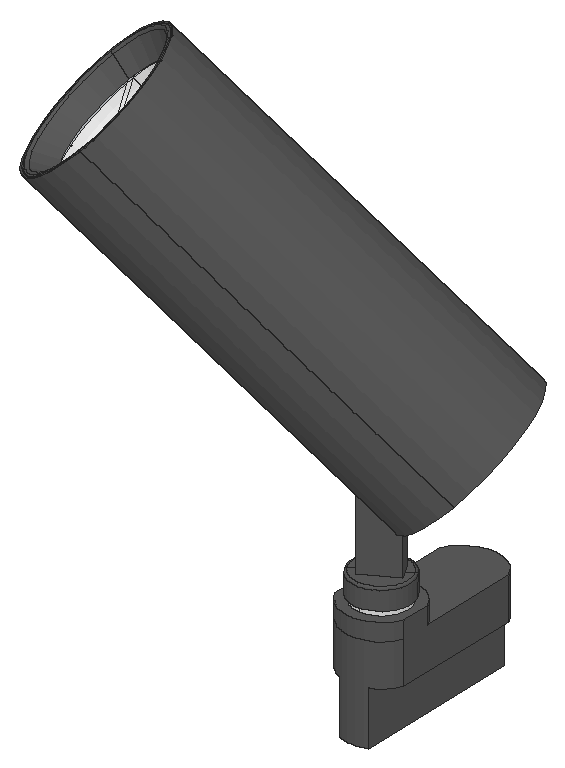
Revit family "0005431 Sylvania Lighting Fixture START Track Spot Integral 940 MB WB BLK", category Lighting Fixtures, host Face, Revit 2017
Family settings
  Host = Face
  Round Connector Dimension = Use Diameter
  Part Type = Normal
  OmniClass Number = 23.80.70.00
  OmniClass Title = Lighting
  Cut with Voids When Loaded = No
  Light Source = No
  Shared = No
  Room Calculation Point = No
Parameters (values of type "0005431 ST TRK SPT INTGRL 3000LM 940 MB BLK")
  Weight = "7.04 kg"
  Wattage Comments = ""
  WarrantyStartDate [instance] = "n/a"
  WarrantyGuarantorParts = "n/a"
  WarrantyDurationUnit = "n/a"
  WarrantyDurationParts = "n/a"
  WarrantyDescription = "n/a"
  Voltage = 230 V
  VerticalRotation_SYL [instance] = 60.00°
  VerticalEndAngle_SYL [instance] = VerticalRotation_SYL - 180.00°  # -120.00°
  URL = "http://www.sylvania-lighting.com"
  TypeName = "START Track Spot Integral 3000lm 940 MB WB BLK"
  TypeHead_SYL = START Track Spot Integral Head : 0005431 ST TRK SPT INTGRL 3000LM 940 MB BLK
  TypeArm_SYL = START Track Spot Integral Arm : START Track Spot Integral BL
  Type Image = <None>
  Type Comments = "n/a"
  SerialNumber [instance] = "n/a"
  Material_3_SYL = none
  PowerFactor = 0
  PowerConsumption = "33 W"
  NominalLength = 0 mm
  NominalHeight = 0 mm
  NominalDepth = 0 mm
  Name = "START Track Spot Integral 3000lm 940 MB WB BLK"
  ModelReference = Name  # "START Track Spot Integral 3000lm 940 MB WB BLK"
  ModelNumber = "0005431"
  Model = Name  # "START Track Spot Integral 3000lm 940 MB WB BLK"
  Material = "n/a"
  ManufacturerName = "Feilo Sylvania"
  Manufacturer = "Feilo Sylvania"
  LuminousEfficacy = "81.81 lm/W"
  LuminaireType = ""
  LightOutputRatio = "n/a"
  LampsType = Lamp  # "LED"
  LampNominalLuminous = "3000 lm"
  LampMacAdamStep = "3"
  LampColourTemperature = "4000"
  LampColourRenderingIndex = "90"
  Lamp = "LED"
  Keynote = "16500"
  InstallationDate [instance] = "n/a"
  InputVoltage = "220-240V~"
  InputNominalFrequency = "50/60 Hz"
  IngressProtection = "IP20"
  ImpactProtectionIndex = "IK03"
  IfcExportType = "IfcLightFixtureType"
  IfcExportAs = "IfcLightFixtureType"
  HorizontalRotation_SYL [instance] = 45.00°
  ExpectedLife = 50000
  ElectricShockClassification = "Class I"
  DurationUnit = "hours"
  DocumentationLiterature = "http://www.sylvania-lighting.com/product/en-int/products/0005431"
  DimmingControlOptions = "Non dimmable"
  Material_2_SYL = Spacer-Sylvania-StartTrackSpot-Aluminium
  Description = ""
  Default Elevation = 1219.2 mm
  CreatedOn = "9/6/2018"
  CreatedBy = ""
  Cost = 0
  built-in parameter 1114216 [instance] = (empty or 0)
  ClassificationValue = "EF_70_80"
  ClassificationName = "Uniclass2015"
  Material_1_SYL = Body-Sylvania-StartTrackSpot-Black
  BarCode [instance] = "n/a"
  AssetType = "Fixed"
  AssetIdentifier [instance] = "n/a"
  Assembly Code = "D5020200"
  Apparent Load = 33 VA
  Material_4_SYL = none
Types (2, lengths in mm): name | TypeName | TypeHead_SYL | Name | ModelReference | Model | LuminousEfficacy | LampNominalLuminous
  0005431 ST TRK SPT INTGRL 3000LM 940 MB BLK | "START Track Spot Integral 3000lm 940 MB WB BLK" | START Track Spot Integral Head : 0005431 ST TRK SPT INTGRL 3000LM 940 MB BLK | "START Track Spot Integral 3000lm 940 MB WB BLK" | "START Track Spot Integral 3000lm 940 MB WB BLK" | "START Track Spot Integral 3000lm 940 MB WB BLK" | "81.81 lm/W" | "3000 lm"
  0005431 ST TRK SPT INTGRL 3100LM 940 WB BLK | "START Track Spot Integral 3100lm 940 MB WB BLK" | START Track Spot Integral Head : 0005431 ST TRK SPT INTGRL 3100LM 940 WB BLK | "START Track Spot Integral 3100lm 940 MB WB BLK" | "START Track Spot Integral 3100lm 940 MB WB BLK" | "START Track Spot Integral 3100lm 940 MB WB BLK" | "84.84 lm/W" | "3100 lm"
Reference planes
  plane 1 "Center (Front/Back)": y = 0
  plane 2: z = 0
  plane 3 "Center (Left/Right)": x = 0
  plane 4: x = 16.6
  plane 5: x = -16.6
  plane 6: x = 7
  plane 7: x = -7
  plane 8: x = -12.8
  plane 9: y = 42
  plane 10: y = 42
  plane 11: y = -42
  plane 12: y = 31.4
  plane 13: y = -31.4
  plane 14: z = -26
  plane 15: z = 20.3
  plane 16: z = 28.5
  plane 17: z = 31.2
  plane 18: y = -17.4
  plane 19: y = -6.8
  plane 20: y = -24.4
Forms (mm)
  Extrusion 1, solid, material "Body-Sylvania-StartTrackSpot-Black" <- "Material_1_SYL"
    sketch origin (0, 0, 0) x (1, 0, 0) y (0, 1, 0)
      loop
        line (-16.6, 31.4) -> (-16.6, -31.4)
        arc (-16.6, -31.4) -> (0, -42) -> (16.6, -31.4) r 18.298
        line (16.6, -31.4) -> (16.6, 31.4)
        arc (16.6, 31.4) -> (0, 42) -> (-16.6, 31.4) r 18.298
    from -26 to 20.3
  Extrusion 2, void
    sketch origin (0, 0, 0) x (1, 0, 0) y (0, 1, 0)
      loop
        arc (-7, 40.608) -> (-12.666, 36.907) -> (-16.6, 31.4) r 18.298
        line (-16.6, 31.4) -> (-16.6, -31.4)
        arc (-16.6, -31.4) -> (-12.666, -36.907) -> (-7, -40.608) r 18.298
        line (-7, -40.608) -> (-7, 40.608)
      loop
        line (16.6, -31.4) -> (16.6, 31.4)
        arc (16.6, 31.4) -> (12.666, 36.907) -> (7, 40.608) r 18.298
        line (7, 40.608) -> (7, -40.608)
        arc (7, -40.608) -> (12.666, -36.907) -> (16.6, -31.4) r 18.298
    from 0 to -26
  Extrusion 3, solid, material "Body-Sylvania-StartTrackSpot-Black" <- "Material_1_SYL"
    sketch origin (1223.4, -4572, 20.3) x (0, -1, 0) y (-1, 0, 0)
      loop
        line (-4540.6, 1240) -> (-4554.6, 1240)
        arc (-4554.6, 1240) -> (-4565.2, 1223.4) -> (-4554.6, 1206.8) r 18.298
        line (-4554.6, 1206.8) -> (-4540.6, 1206.8)
        arc (-4540.6, 1206.8) -> (-4530, 1223.4) -> (-4540.6, 1240) r 18.298
    from -8.2 to 0
  Extrusion 4, solid, material "Spacer-Sylvania-StartTrackSpot-Aluminium" <- "Material_2_SYL"
    sketch origin (1223.4, -4572, 28.5) x (0, -1, 0) y (-1, 0, 0)
      loop
        circle (-4547.6, 1223.4) r 12.7
    from 0 to -2.7
  Revolve 5, solid, not visible
    sketch origin (1524, -24.4, 1219.2) x (1, 0, 0) y (0, 0, 1)
      loop
        line (-1524, -1188) -> (-1524, -1168.735) -> (-1531, -1168.735) -> (-1531, -1188) -> (-1524, -1188)
      axis (-1524, -1168.735) -> (-1524, -1188)
    angle from 60 <- "VerticalRotation_SYL" to -120 <- "VerticalEndAngle_SYL"
Cuts and joins
  Extrusion 2 cuts Extrusion 1
  joined: Extrusion 1, Extrusion 3
Lines and regions (mm)
  reference lines
    curve 1: circle (0, -24.4, 0) r 12.7 normal (0, 0, 1)
    curve 2: arc (-16.6, -31.4, 0) -> (0, -42, 0) -> (16.6, -31.4, 0) r 18.298
    curve 3: arc (-16.6, -17.4, 0) -> (0, -6.8, 0) -> (16.6, -17.4, 0) r 18.298
    curve 4: arc (-16.6, 31.4, 0) -> (0, 42, 0) -> (16.6, 31.4, 0) r 18.298
Dimensions and locks
  plane 6 to plane 3 "Center (Left/Right)" to plane 7 = 7 mm locked, 7 mm locked
  plane 4 to plane 3 "Center (Left/Right)" to plane 5 = 16.6 mm locked, 16.6 mm locked
  locked: plane 3 "Center (Left/Right)" to plane 8 at 12.8
  plane 11 to plane 1 "Center (Front/Back)" to plane 10 = 42 mm locked, 42 mm locked
  plane 13 to plane 1 "Center (Front/Back)" to plane 12 = 31.4 mm locked, 31.4 mm locked
  locked: plane 2 to plane 14 at 26
  locked: plane 15 to plane 2 at 20.3
  plane 17 to plane 16 to plane 15 = 2.7 mm locked, 8.2 mm locked
  locked: plane 13 to plane 18 at 14
  locked: plane 18 to plane 19 at 10.6
  equal spacing: plane 13, plane 20, plane 18
  locked: plane 20 to curve 2 at 0.698
  locked: curve 3 to plane 20 at 0.698
  aligned and locked: plane 2 to host face
  aligned and locked: level to host face
  aligned and locked: plane 3 "Center (Left/Right)" to curve 1
  aligned and locked: plane 20 to curve 1
  aligned and locked: plane 13 to curve 2  (x2)
  aligned and locked: plane 18 to curve 3  (x2)
  aligned and locked: plane 12 to curve 4  (x2)
  aligned and locked: plane 4 to curve 4
  aligned and locked: plane 3 "Center (Left/Right)" to curve 4
  aligned and locked: plane 5 to curve 2
  aligned and locked: plane 5 to curve 3
  aligned and locked: plane 4 to curve 3
  aligned and locked: plane 4 to curve 2
  aligned and locked: plane 12 to Extrusion 1 sketch curve
  aligned and locked: plane 13 to Extrusion 1 sketch curve
  aligned and locked: Extrusion 1 sketch curve to curve 4
  aligned and locked: Extrusion 1 sketch curve to curve 2
  aligned and locked: Extrusion 1 to plane 15
  aligned and locked: plane 14 to Extrusion 1
  aligned and locked: Extrusion 2 sketch curve to Extrusion 1  (x5)
  aligned and locked: Extrusion 2 sketch curve to plane 7
  aligned and locked: plane 14 to Extrusion 2
  aligned and locked: level to Extrusion 2
  aligned and locked: Extrusion 3 sketch curve to cut or joined group of Extrusion 1, Extrusion 2, Extrusion 3  (x2)
  aligned and locked: Extrusion 3 sketch curve to curve 3
  aligned and locked: cut or joined group of Extrusion 1, Extrusion 2, Extrusion 3 to Extrusion 3 sketch curve
  aligned and locked: Extrusion 3 to plane 16
  aligned and locked: plane 15 to Extrusion 3
  aligned and locked: Extrusion 4 sketch curve to curve 1
  aligned and locked: Extrusion 4 to plane 17
  aligned and locked: plane 16 to Extrusion 4
  aligned and locked: Revolve 5 sketch curve to plane 3 "Center (Left/Right)"
  aligned and locked: Extrusion 4 to Revolve 5 sketch curve
  aligned and locked: Revolve 5 sketch curve to Extrusion 4
  aligned and locked: plane 17 to nested 1
Automatic sketch dimensions
  host sketch curve to host sketch curve = 2438.4 mm  (x2)
  plane 12 to curve 4 = 7.698 mm
  plane 12 to Extrusion 2 sketch curve = 0 mm
  Extrusion 2 sketch curve to Extrusion 2 sketch curve = 0 mm  (x2)
  Extrusion 2 sketch curve to plane 6 = 0 mm
  Revolve 5 sketch curve to plane 7 = 0 mm
  Revolve 5 sketch curve to Revolve 5 sketch curve = 19.265 mm
  plane 14 to Revolve 5 sketch curve = 583.6 mm
  Revolve 5 sketch curve to Revolve 5 sketch curve = 2558.594 mm
  radius of curve 1 = 12.7 mm
Nested families
  nested 1: "START Track Spot Integral Arm" at (0, -24.4, 31.2) x (0, 0, -1) z (0.866, 0.5, 0), type <- "TypeArm_SYL", HorizontalRotation_SYL <- "HorizontalRotation_SYL", type "START Track Spot Integral BL"
    with HorizontalRotation_SYL 45.00°, HorizontalEndAngle_SYL -135.00°
  nested 2: "START Track Spot Integral Head" at (18.677, -13.617, 104.767) x (-0.5, 0.866, 0) z (0.6124, 0.3536, -0.7071), type <- "TypeHead_SYL", type "0005431 ST TRK SPT INTGRL 3000LM 940 MB BLK"
    with built-in parameter 1114216 (empty or 0)
Connectors
  electrical at (0, 0, 0), driven by "Apparent Load", driven by "PowerFactor", driven by "Voltage"
    settings: index 1, voltage 230 V, apparent load 33 VA, apparent load phase1 0 VA, apparent load phase2 0 VA, apparent load phase3 0 VA, power factor 0, load classification "Lighting", number of poles 1, system type 30, power factor state 1, is connector primary yes, connector utility no, sub classification motor no, connector description ""
Definition of nested family "START Track Spot Integral Arm"
  Parameters (values of type "START Track Spot Integral WH")
    URL = "http://www.sylvania-lighting.com"
    Type Image = (empty or 0)
    Type Comments = "n/a"
    Material_3_SYL = none
    Model = ""
    Manufacturer = "Feilo Sylvania"
    Keynote = ""
    Material_2_SYL = none
    HorizontalRotation_SYL [instance] = 0.00°
    HorizontalEndAngle_SYL [instance] = HorizontalRotation_SYL - 180.00°  # -180.00°
    Description = ""
    Default Elevation = 1219.2 mm
    Cost = 0
    Material_1_SYL = none
    Assembly Code = ""
    Material_4_SYL = none
  Types (2): name
    START Track Spot Integral WH
    START Track Spot Integral BL
  Reference planes
    plane 1 "Center (Front/Back)": y = 0
    plane 2: z = 0
    plane 3 "Center (Left/Right)": x = 0
    plane 4: x = -10
    plane 5: z = -14
    plane 6: z = -14
    plane 7: z = 14
    plane 8: x = -52
    plane 9: z = 9
    plane 10: z = -9
    plane 11: x = -60
    plane 12: y = 4.5
    plane 13: y = -4.5
    plane 14: x = -9
    plane 15: z = 13
    plane 16: z = 4
    plane 17: z = -4
    plane 18: x = -55
  Forms (mm)
    Extrusion 1, solid
      sketch origin (4.2, 0, 0) x (1, 0, 0) y (0, 1, 0)
        loop
          line (-1219.2, 1219.2) -> (-1219.2, -1219.2) -> (1219.2, -1219.2) -> (1219.2, 1219.2) -> (-1219.2, 1219.2)
      from 0 to -68.017
    Revolve 2, solid, material <- "Material_1_SYL"
      sketch origin (0, 0, 0) x (1, 0, 0) y (0, 0, 1)
        loop
          line (0, 0) -> (0, 14) -> (-9, 14)
          arc (-9, 14) -> (-9.707, 13.707) -> (-10, 13) r 1
          line (-10, 13) -> (-10, 0) -> (0, 0)
        axis (-10, 0) -> (0, 0)
      angle from 360 to 0
    Extrusion 3, solid, material <- "Material_1_SYL"
      sketch origin (0, 0, 0) x (1, 0, 0) y (0, 0, 1)
        loop
          line (-10, 9) -> (-55, 9)
          arc (-55, 9) -> (-58.536, 7.536) -> (-60, 4) r 5
          line (-60, 4) -> (-60, -4)
          arc (-60, -4) -> (-58.536, -7.536) -> (-55, -9) r 5
          line (-55, -9) -> (-10, -9) -> (-10, 9)
      from -4.5 to 4.5
    Revolve 4, solid, not visible
      sketch origin (-52, -4572, 2609.058) x (0, 0, 1) y (0, -1, 0)
        loop
          line (-2609.058, -4553.46) -> (-2609.058, -4590.54) -> (-2605.058, -4590.54) -> (-2605.058, -4553.46) -> (-2609.058, -4553.46)
        axis (-2609.058, -4553.46) -> (-2609.058, -4590.54)
      angle from 0 <- "HorizontalRotation_SYL" to -180 <- "HorizontalEndAngle_SYL"
  Dimensions and locks
    locked: plane 3 "Center (Left/Right)" to plane 4 at 10
    plane 7 to plane 2 to plane 6 = 14 mm locked, 14 mm locked
    locked: plane 4 to plane 8 at 42
    plane 13 to plane 1 "Center (Front/Back)" to plane 12 = 4.5 mm locked, 4.5 mm locked
    locked: plane 14 to plane 4 at 1
    locked: plane 7 to plane 15 at 1
    locked: plane 9 to plane 16 at 5
    locked: plane 17 to plane 10 at 5
    equal spacing: Revolve 4 sketch curve, plane 1 "Center (Front/Back)", Revolve 4 sketch curve
    locked: Revolve 4 sketch curve to plane 1 "Center (Front/Back)" at 18.54
    locked: plane 18 to plane 11 at 5
    locked: plane 4 to plane 11 at 50
    aligned and locked: plane 2 to Extrusion 1
    aligned and locked: level to Extrusion 1
    aligned and locked: level to Revolve 2 sketch curve  (x2)
    aligned and locked: plane 3 "Center (Left/Right)" to Revolve 2 sketch curve
    aligned and locked: Revolve 2 sketch curve to plane 7
    aligned and locked: plane 4 to Revolve 2 sketch curve
    aligned and locked: plane 15 to Revolve 2 sketch curve
    aligned and locked: plane 14 to Revolve 2 sketch curve
    aligned and locked: Revolve 2 sketch curve to plane 2
    aligned and locked: Extrusion 3 sketch curve to plane 9
    aligned and locked: plane 4 to Extrusion 3 sketch curve
    aligned and locked: plane 10 to Extrusion 3 sketch curve
    aligned and locked: Extrusion 3 sketch curve to plane 11
    aligned and locked: plane 13 to Extrusion 3
    aligned and locked: Extrusion 3 to plane 12
    aligned and locked: plane 16 to Extrusion 3 sketch curve
    aligned and locked: plane 17 to Extrusion 3 sketch curve
    aligned and locked: Revolve 4 sketch curve to level
    aligned and locked: Revolve 4 sketch curve to plane 16
    aligned and locked: Revolve 4 sketch curve to plane 2
    aligned and locked: plane 18 to Extrusion 3 sketch curve  (x2)
Definition of nested family "START Track Spot Integral Head"
  Parameters (values of type "0005432 ST TRK SPT INTGRL 5000LM 940 WB WHT")
    WidthCutOut_SYL = 9.5 mm  # constant formula
    Wattage Comments = "n/a"
    Wattage = 55 W
    built-in parameter 1150110 = 1 (stored number, unit not read)
    URL = "http://www.sylvania-lighting.com"
    Type Image = (empty or 0)
    Type Comments = "n/a"
    built-in parameter 1114217 = 1 (stored number, unit not read)
    Tilt Angle = 90.00°
    built-in parameter 1150109 = 1 (stored number, unit not read)
    built-in parameter 1150134 = 12
    built-in parameter 1150113 = 1 (stored number, unit not read)
    S_SYL = no
    RadiusLensOut_SYL = if(S_SYL, 21 mm, if(M_SYL, 30.5 mm, 33 mm))  # 33 mm
    RadiusLensHolder_SYL = 1.8 mm  # constant formula
    RadiusHead_SYL = if(S_SYL, 30 mm, if(M_SYL, 40 mm, 45.5 mm))  # 45.5 mm
    RadiusEmission_SYL = if(S_SYL, 8 mm, if(M_SYL, 16.5 mm, 16.5 mm))  # 16.5 mm
    Photometric Web File = "0005432 WB.ies"
    Material_3_SYL = none
    Model = "ST TRK SPT INTGRL 5000LM 940 WB WHT"
    Manufacturer = "Feilo Sylvania"
    M_SYL = no
    built-in parameter 1150105 = 397.89 (stored number, unit not read)
    Lumens = 5000 lm
    built-in parameter 1150115 = 1 (stored number, unit not read)
    built-in parameter 1150137 = (empty or 0)
    built-in parameter 1150139 = (empty or 0)
    built-in parameter 1150112 = 1 (stored number, unit not read)
    built-in parameter 1150114 = 1 (stored number, unit not read)
    Lamp = "LED"
    Keynote = "16500"
    Material_2_SYL = none
    built-in parameter 1150132 = (empty or 0)
    built-in parameter 1150102 = (empty or 0)
    built-in parameter 1150107 = 4000 (stored number, unit not read)
    built-in parameter 1150138 = (empty or 0)
    built-in parameter 1150106 = 3.9789 (stored number, unit not read)
    Height_SYL = if(S_SYL, 160 mm, if(M_SYL, 200 mm, 215 mm))  # 215 mm
    Emit from Circle Diameter = RadiusLensOut_SYL * 2  # 66 mm
    Emit Shape Visible in Rendering = no
    built-in parameter 1150104 = 8.4457 (stored number, unit not read)
    DistRotateAxisY_SYL = 16.8 mm  # constant formula
    Dimming Lamp Color Temperature Shift = (empty or 0)
    Description = ""
    DepthLens_SYL = 1.25 * (RadiusHead_SYL - 1 mm - RadiusLensOut_SYL)  # 14.375 mm
    DepthEmission_SYL = Height_SYL / 6.4  # 33.594 mm
    DepthCutOut_SYL = WidthCutOut_SYL * 2  # 19 mm
    Default Elevation = 1219.2 mm
    Cost = 0
    Color Filter = 16777215
    built-in parameter 1114216 [instance] = (empty or 0)
    Material_1_SYL = none
    built-in parameter 1114218 = 1 (stored number, unit not read)
    built-in parameter 1150133 = 10 (stored number, unit not read)
    Assembly Code = "D5020200"
    Apparent Load = 55 VA
    Material_4_SYL = none
  Types (24, lengths in mm): name | Wattage | built-in parameter 1150134 | S_SYL | RadiusLensOut_SYL | RadiusHead_SYL | RadiusEmission_SYL | Photometric Web File | Model | M_SYL | built-in parameter 1150105 | Lumens | built-in parameter 1150107 | built-in parameter 1150106 | Height_SYL | Emit from Circle Diameter | built-in parameter 1150104 | DepthLens_SYL | DepthEmission_SYL | Apparent Load
    0005433 ST TRK SPT INTGRL 5000LM 940 WB BLK | 55 W | 12 | no | 33 | 45.5 | 16.5 | "0005433 WB.ies" | "ST TRK SPT INTGRL 5000LM 940 WB BLK" | no | 397.89 (stored number, unit not read) | 5000 lm | 4000 (stored number, unit not read) | 3.9789 (stored number, unit not read) | 215 | 66 | 8.4457 (stored number, unit not read) | 14.375 | 33.594 | 55 VA
    0005433 ST TRK SPT INTGRL 5000LM 940 MB BLK | 55 W | 12 | no | 33 | 45.5 | 16.5 | "0005433 MB.ies" | "ST TRK SPT INTGRL 5000LM 940 MB BLK" | no | 397.89 (stored number, unit not read) | 5000 lm | 4000 (stored number, unit not read) | 3.9789 (stored number, unit not read) | 215 | 66 | 8.4457 (stored number, unit not read) | 14.375 | 33.594 | 55 VA
    0005432 ST TRK SPT INTGRL 5000LM 940 WB WHT | 55 W | 12 | no | 33 | 45.5 | 16.5 | "0005432 WB.ies" | "ST TRK SPT INTGRL 5000LM 940 WB WHT" | no | 397.89 (stored number, unit not read) | 5000 lm | 4000 (stored number, unit not read) | 3.9789 (stored number, unit not read) | 215 | 66 | 8.4457 (stored number, unit not read) | 14.375 | 33.594 | 55 VA
    0005432 ST TRK SPT INTGRL 5000LM 940 MB WHT | 55 W | 12 | no | 33 | 45.5 | 16.5 | "0005432 MB.ies" | "ST TRK SPT INTGRL 5000LM 940 MB WHT" | no | 397.89 (stored number, unit not read) | 5000 lm | 4000 (stored number, unit not read) | 3.9789 (stored number, unit not read) | 215 | 66 | 8.4457 (stored number, unit not read) | 14.375 | 33.594 | 55 VA
    0005431 ST TRK SPT INTGRL 3000LM 940 WB BLK | 33 W | 12 | no | 30.5 | 40 | 16.5 | "0005431 WB.ies" | "ST TRK SPT INTGRL 3000LM 940 WB BLK" | yes | 238.73 (stored number, unit not read) | 3000 lm | 4000 (stored number, unit not read) | 2.3873 (stored number, unit not read) | 200 | 61 | 8.4457 (stored number, unit not read) | 10.625 | 31.25 | 33 VA
    0005431 ST TRK SPT INTGRL 3000LM 940 MB BLK | 33 W | 12 | no | 30.5 | 40 | 16.5 | "0005431 MB.ies" | "ST TRK SPT INTGRL 3000LM 940 MB BLK" | yes | 238.73 (stored number, unit not read) | 3000 lm | 4000 (stored number, unit not read) | 2.3873 (stored number, unit not read) | 200 | 61 | 8.4457 (stored number, unit not read) | 10.625 | 31.25 | 33 VA
    0005430 ST TRK SPT INTGRL 3000LM 940 WB WHT | 33 W | 12 | no | 30.5 | 40 | 16.5 | "0005430 WB.ies" | "ST TRK SPT INTGRL 3000LM 940 WB WHT" | yes | 238.73 (stored number, unit not read) | 3000 lm | 4000 (stored number, unit not read) | 2.3873 (stored number, unit not read) | 200 | 61 | 8.4457 (stored number, unit not read) | 10.625 | 31.25 | 33 VA
    0005430 ST TRK SPT INTGRL 3000LM 940 MB WHT | 33 W | 12 | no | 30.5 | 40 | 16.5 | "0005430 MB.ies" | "ST TRK SPT INTGRL 3000LM 940 MB WHT" | yes | 238.73 (stored number, unit not read) | 3000 lm | 4000 (stored number, unit not read) | 2.3873 (stored number, unit not read) | 200 | 61 | 8.4457 (stored number, unit not read) | 10.625 | 31.25 | 33 VA
    0005429 ST TRK SPT INTGRL 1500LM 940 WB BLK | 17 W | 12 | yes | 21 | 30 | 8 | "0005429 WB.ies" | "ST TRK SPT INTGRL 1500LM 940 WB BLK" | no | 119.37 (stored number, unit not read) | 1500 lm | 4000 (stored number, unit not read) | 1.1937 (stored number, unit not read) | 160 | 42 | 8.1973 (stored number, unit not read) | 10 | 25 | 17 VA
    0005429 ST TRK SPT INTGRL 1500LM 940 MB BLK | 17 W | 12 | yes | 21 | 30 | 8 | "0005429 MB.ies" | "ST TRK SPT INTGRL 1500LM 940 MB BLK" | no | 119.37 (stored number, unit not read) | 1500 lm | 4000 (stored number, unit not read) | 1.1937 (stored number, unit not read) | 160 | 42 | 8.1973 (stored number, unit not read) | 10 | 25 | 17 VA
    0005428 ST TRK SPT INTGRL 1500LM 940 WB WHT | 17 W | 12 | yes | 21 | 30 | 8 | "0005428 WB.ies" | "ST TRK SPT INTGRL 1500LM 940 WB WHT" | no | 119.37 (stored number, unit not read) | 1500 lm | 4000 (stored number, unit not read) | 1.1937 (stored number, unit not read) | 160 | 42 | 8.1973 (stored number, unit not read) | 10 | 25 | 17 VA
    0005428 ST TRK SPT INTGRL 1500LM 940 MB WHT | 17 W | 12 | yes | 21 | 30 | 8 | "0005428 MB.ies" | "ST TRK SPT INTGRL 1500LM 940 MB WHT" | no | 119.37 (stored number, unit not read) | 1500 lm | 4000 (stored number, unit not read) | 1.1937 (stored number, unit not read) | 160 | 42 | 8.1973 (stored number, unit not read) | 10 | 25 | 17 VA
    0005427 ST TRK SPT INTGRL 4500LM 930 WB BLK | 55 W | (empty or 0) | no | 33 | 45.5 | 16.5 | "0005427 WB.ies" | "ST TRK SPT INTGRL 4500LM 930 WB BLK" | no | 358.1 (stored number, unit not read) | 4500 lm | 3000 (stored number, unit not read) | 3.581 (stored number, unit not read) | 215 | 66 | 7.6012 (stored number, unit not read) | 14.375 | 33.594 | 55 VA
    0005427 ST TRK SPT INTGRL 4500LM 930 MB BLK | 55 W | (empty or 0) | no | 33 | 45.5 | 16.5 | "0005427 MB.ies" | "ST TRK SPT INTGRL 4500LM 930 MB BLK" | no | 358.1 (stored number, unit not read) | 4500 lm | 3000 (stored number, unit not read) | 3.581 (stored number, unit not read) | 215 | 66 | 7.6012 (stored number, unit not read) | 14.375 | 33.594 | 55 VA
    0005426 ST TRK SPT INTGRL 4500LM 930 WB WHT | 55 W | (empty or 0) | no | 33 | 45.5 | 16.5 | "0005426 WB.ies" | "ST TRK SPT INTGRL 4500LM 930 WB WHT" | no | 358.1 (stored number, unit not read) | 4500 lm | 3000 (stored number, unit not read) | 3.581 (stored number, unit not read) | 215 | 66 | 7.6012 (stored number, unit not read) | 14.375 | 33.594 | 55 VA
    0005426 ST TRK SPT INTGRL 4500LM 930 MB WHT | 55 W | (empty or 0) | no | 33 | 45.5 | 16.5 | "0005426 MB.ies" | "ST TRK SPT INTGRL 4500LM 930 MB WHT" | no | 358.1 (stored number, unit not read) | 4500 lm | 3000 (stored number, unit not read) | 3.581 (stored number, unit not read) | 215 | 66 | 7.6012 (stored number, unit not read) | 14.375 | 33.594 | 55 VA
    0005425 ST TRK SPT INTGRL 2700LM 930 WB BLK | 33 W | (empty or 0) | no | 30.5 | 40 | 16.5 | "0005425 WB.ies" | "ST TRK SPT INTGRL 2700LM 930 WB BLK" | yes | 214.86 (stored number, unit not read) | 2700 lm | 3000 (stored number, unit not read) | 2.1486 (stored number, unit not read) | 200 | 61 | 7.6012 (stored number, unit not read) | 10.625 | 31.25 | 33 VA
    0005425 ST TRK SPT INTGRL 2700LM 930 MB BLK | 33 W | (empty or 0) | no | 30.5 | 40 | 16.5 | "0005425 MB.ies" | "ST TRK SPT INTGRL 2700LM 930 MB BLK" | yes | 214.86 (stored number, unit not read) | 2700 lm | 3000 (stored number, unit not read) | 2.1486 (stored number, unit not read) | 200 | 61 | 7.6012 (stored number, unit not read) | 10.625 | 31.25 | 33 VA
    0005424 ST TRK SPT INTGRL 2700LM 930 WB WHT | 33 W | (empty or 0) | no | 30.5 | 40 | 16.5 | "0005424 WB.ies" | "ST TRK SPT INTGRL 2700LM 930 WB WHT" | yes | 214.86 (stored number, unit not read) | 2700 lm | 3000 (stored number, unit not read) | 2.1486 (stored number, unit not read) | 200 | 61 | 7.6012 (stored number, unit not read) | 10.625 | 31.25 | 33 VA
    0005424 ST TRK SPT INTGRL 2700LM 930 MB WHT | 33 W | (empty or 0) | no | 30.5 | 40 | 16.5 | "0005424 MB.ies" | "ST TRK SPT INTGRL 2700LM 930 MB WHT" | yes | 214.86 (stored number, unit not read) | 2700 lm | 3000 (stored number, unit not read) | 2.1486 (stored number, unit not read) | 200 | 61 | 7.6012 (stored number, unit not read) | 10.625 | 31.25 | 33 VA
    0005423 ST TRK SPT INTGRL 1360LM 930 WB BLK | 17 W | (empty or 0) | yes | 21 | 30 | 8 | "0005423 WB.ies" | "ST TRK SPT INTGRL 1360LM 930 WB BLK" | no | 108.23 (stored number, unit not read) | 1360 lm | 3000 (stored number, unit not read) | 1.0823 (stored number, unit not read) | 160 | 42 | 7.4322 (stored number, unit not read) | 10 | 25 | 17 VA
    0005423 ST TRK SPT INTGRL 1360LM 930 MB BLK | 17 W | (empty or 0) | yes | 21 | 30 | 8 | "0005423 MB.ies" | "ST TRK SPT INTGRL 1360LM 930 MB BLK" | no | 108.23 (stored number, unit not read) | 1360 lm | 3000 (stored number, unit not read) | 1.0823 (stored number, unit not read) | 160 | 42 | 7.4322 (stored number, unit not read) | 10 | 25 | 17 VA
    0005422 ST TRK SPT INTGRL 1360LM 930 WB WHT | 17 W | (empty or 0) | yes | 21 | 30 | 8 | "0005422 WB.ies" | "ST TRK SPT INTGRL 1360LM 930 WB WHT" | no | 108.23 (stored number, unit not read) | 1360 lm | 3000 (stored number, unit not read) | 1.0823 (stored number, unit not read) | 160 | 42 | 7.4322 (stored number, unit not read) | 10 | 25 | 17 VA
    0005422 ST TRK SPT INTGRL 1360LM 930 MB WHT | 17 W | (empty or 0) | yes | 21 | 30 | 8 | "0005422 MB.ies" | "ST TRK SPT INTGRL 1360LM 930 MB WHT" | no | 108.23 (stored number, unit not read) | 1360 lm | 3000 (stored number, unit not read) | 1.0823 (stored number, unit not read) | 160 | 42 | 7.4322 (stored number, unit not read) | 10 | 25 | 17 VA
  Reference planes
    plane 1 "Center (Front/Back)": y = 0
    plane 2: z = 0
    plane 3 "Center (Left/Right)": x = 0
    plane 4: x = 45.5
    plane 5: z = 16.8
    plane 6: z = -198.2
    plane 7: x = 44.5
    plane 8: x = 33
    plane 9: x = 16.5
    plane 10: z = -183.825
    plane 11: z = -164.606
    plane 12: z = -11.2
    plane 13: x = 43.5
    plane 14: x = 38.25
    plane 15: z = -181.825
    plane 16: z = -162.606
    plane 17: z = -1
    plane 18: x = 4.75
    plane 19: x = -4.75
    plane 20: y = -45.5
    plane 21: y = -26.5
    plane 22: x = 42.5
    plane 23: y = -36
  Forms (mm)
    Extrusion 1, solid
      sketch origin (4.2, 0, 0) x (1, 0, 0) y (0, 1, 0)
        loop
          line (-1219.2, 1219.2) -> (-1219.2, -1219.2) -> (1219.2, -1219.2) -> (1219.2, 1219.2) -> (-1219.2, 1219.2)
      from 0 to -68.017
    Revolve 2, solid, material <- "Material_1_SYL"
      sketch origin (0, 0, 0) x (1, 0, 0) y (0, 0, 1)
        loop
          line (45.5, -198.2) -> (45.5, 16.8) -> (44.5, 16.8) -> (44.5, -198.2) -> (45.5, -198.2)
        axis (0, 16.8) -> (0, -198.2)
      angle from 360 to 0
    Revolve 3, solid, material <- "Material_1_SYL"
      sketch origin (0, 0, 0) x (1, 0, 0) y (0, 0, 1)
        loop
          line (44.5, 16.8) -> (43.5, 16.8)
          arc (43.5, 16.8) -> (38.25, 15.673) -> (33, 16.8) r 12.796
          line (33, 16.8) -> (0, 16.8) -> (0, -11.2) -> (44.5, -11.2) -> (44.5, 16.8)
        axis (0, 16.8) -> (0, -11.2)
      angle from 360 to 0
    Revolve 4, solid, material <- "Material_2_SYL"
      sketch origin (0, 0, 0) x (1, 0, 0) y (0, 0, 1)
        loop
          line (44.5, -181.825) -> (0, -181.825) -> (0, -183.825) -> (44.5, -183.825) -> (44.5, -181.825)
        axis (0, -181.825) -> (0, -183.825)
      angle from 360 to 0
    Revolve 5, solid
      sketch origin (0, 0, 0) x (1, 0, 0) y (0, 0, 1)
        loop
          line (0, -164.606) -> (16.5, -164.606)
          arc (16.5, -164.606) -> (30.37, -169.432) -> (38.25, -181.825) r 22.346
          line (38.25, -181.825) -> (44.5, -181.825) -> (44.5, -162.606) -> (0, -162.606) -> (0, -164.606)
        axis (0, -162.606) -> (0, -181.825)
      angle from 360 to 0
    Extrusion 6, void
      sketch origin (1524, -45.5, 1219.2) x (-1, 0, 0) y (0, 0, 1)
        loop
          line (1528.75, -1230.4) -> (1528.75, -1202.4) -> (1519.25, -1202.4) -> (1519.25, -1230.4) -> (1528.75, -1230.4)
      from 0 to 19
    Revolve 7, solid, material <- "Material_1_SYL"
      sketch origin (0, 0, 0) x (1, 0, 0) y (0, 0, 1)
        loop
          line (33, -183.825) -> (42.006, -197.453)
          arc (42.006, -197.453) -> (42.534, -197.999) -> (43.267, -198.2) r 1.437
          line (43.267, -198.2) -> (44.5, -198.2) -> (44.5, -183.825) -> (33, -183.825)
        axis (0, -183.825) -> (0, -198.2)
      angle from 360 to 0
  Cuts and joins
    Extrusion 6 cuts Revolve 3
    Extrusion 6 cuts Revolve 2
  Lines and regions (mm)
    reference lines
      curve 1: arc (33, 0, 16.8) -> (38.25, 0, 15.673) -> (43.5, 0, 16.8) r 12.796
      curve 2: line (33, 0, -183.825) -> (42.5, 0, -198.2)
  Dimensions and locks
    "RadiusHead_SYL": plane 4 to plane 3 "Center (Left/Right)"
    "DistRotateAxisY_SYL": plane 5 to plane 2
    "Height_SYL": plane 5 to plane 6
    locked: plane 4 to plane 7 at 1
    "RadiusLensOut_SYL": plane 8 to plane 3 "Center (Left/Right)"
    "RadiusEmission_SYL": plane 9 to plane 3 "Center (Left/Right)"
    "DepthLens_SYL": plane 10 to plane 6
    "DepthEmission_SYL": plane 11 to plane 6
    locked: plane 5 to plane 12 at 28
    locked: plane 4 to plane 13 at 2
    equal spacing: plane 13, plane 14, plane 8
    locked: plane 5 to curve 1 at 1.127
    locked: plane 15 to plane 10 at 2
    locked: plane 16 to plane 11 at 2
    locked: plane 2 to plane 17 at 1
    equal spacing: plane 18, plane 3 "Center (Left/Right)", plane 19
    "WidthCutOut_SYL": plane 18 to plane 19
    "RadiusHead_SYL": plane 20 to plane 1 "Center (Front/Back)"
    "DepthCutOut_SYL": plane 20 to plane 21
    locked: plane 4 to plane 22 at 3
    equal spacing: plane 20, plane 23, plane 21
    aligned and locked: plane 2 to Extrusion 1
    aligned and locked: level to Extrusion 1
    aligned and locked: plane 8 to curve 1
    aligned and locked: plane 13 to curve 1
    aligned and locked: plane 14 to curve 1
    aligned and locked: plane 5 to curve 1
    aligned and locked: Revolve 2 sketch curve to plane 3 "Center (Left/Right)"
    aligned and locked: Revolve 2 sketch curve to plane 6
    aligned and locked: Revolve 2 sketch curve to plane 4
    aligned and locked: plane 5 to Revolve 2 sketch curve
    aligned and locked: plane 7 to Revolve 2 sketch curve
    aligned and locked: Revolve 3 sketch curve to plane 3 "Center (Left/Right)"
    aligned and locked: Revolve 3 sketch curve to Revolve 2  (x3)
    aligned and locked: Revolve 3 sketch curve to plane 12
    aligned and locked: plane 3 "Center (Left/Right)" to Revolve 3 sketch curve
    aligned and locked: Revolve 3 sketch curve to curve 1
    aligned and locked: plane 5 to Revolve 3 sketch curve
    aligned and locked: Revolve 4 sketch curve to plane 3 "Center (Left/Right)"  (x2)
    aligned and locked: Revolve 4 sketch curve to plane 15
    aligned and locked: plane 7 to Revolve 4 sketch curve
    aligned and locked: Revolve 5 sketch curve to plane 3 "Center (Left/Right)"  (x2)
    aligned and locked: plane 3 "Center (Left/Right)" to Revolve 5 sketch curve
    aligned and locked: plane 9 to Revolve 5 sketch curve
    aligned and locked: plane 11 to Revolve 5 sketch curve
    aligned and locked: plane 14 to Revolve 5 sketch curve
    aligned and locked: plane 15 to Revolve 5 sketch curve
    aligned and locked: plane 12 to Extrusion 6 sketch curve
    aligned and locked: Extrusion 6 sketch curve to plane 19
    aligned and locked: Extrusion 6 sketch curve to plane 5
    aligned and locked: plane 18 to Extrusion 6 sketch curve
    aligned and locked: Extrusion 6 to plane 21
    aligned and locked: plane 20 to Extrusion 6
    aligned and locked: plane 10 to curve 2
    aligned and locked: plane 22 to curve 2
    aligned and locked: Revolve 7 sketch curve to plane 3 "Center (Left/Right)"
    aligned and locked: plane 10 to Revolve 7 sketch curve
    aligned and locked: Revolve 7 sketch curve to Revolve 4
    aligned and locked: Revolve 7 sketch curve to curve 2
    aligned and locked: plane 3 "Center (Left/Right)" to imposter light
    aligned and locked: imposter light to plane 1 "Center (Front/Back)"
    aligned and locked: imposter light to plane 10
  Automatic sketch dimensions
    Extrusion 1 sketch curve to Extrusion 1 sketch curve = 2438.4 mm  (x2)
    plane 6 to Revolve 2 sketch curve = 487.1 mm
    Revolve 2 sketch curve to plane 5 = 2571.558 mm
    plane 6 to Revolve 3 sketch curve = 487.1 mm
    Revolve 3 sketch curve to Revolve 3 sketch curve = 2566.685 mm
    plane 6 to Revolve 4 sketch curve = 487.1 mm
    Revolve 4 sketch curve to plane 5 = 2571.558 mm
    Revolve 5 sketch curve to plane 11 = 2 mm
    plane 6 to Revolve 5 sketch curve = 487.1 mm
    Revolve 5 sketch curve to plane 5 = 2571.558 mm
    Revolve 5 sketch curve to plane 7 = 0 mm
    Revolve 4 sketch curve to plane 10 = 0 mm
    curve 2 to plane 8 = 0 mm
    curve 1 to plane 14 = 0 mm
    curve 2 to plane 6 = 0 mm
    curve 1 to plane 13 = 0 mm
    Revolve 7 sketch curve to plane 6 = 0 mm
    Revolve 7 sketch curve to plane 22 = 0.494 mm
    Revolve 7 sketch curve to plane 13 = 0.233 mm
    plane 6 to Revolve 7 sketch curve = 474.6 mm
    Revolve 7 sketch curve to plane 5 = 2584.058 mm
